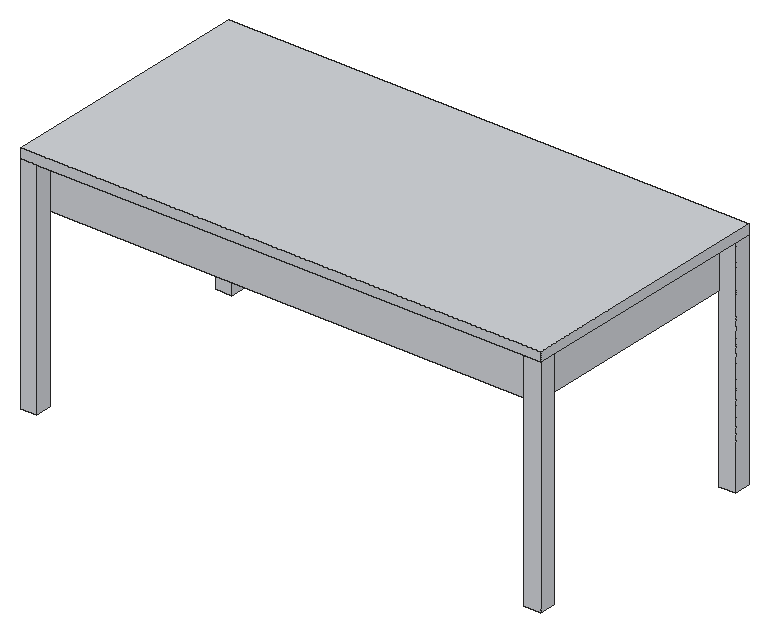
Revit family "output", category Generic Models, Revit 2025
Family settings
  Can host rebar = No
  Round Connector Dimension = Use Diameter
  Part Type = Normal
  Work Plane-Based = No
  Always vertical = Yes
  Cut with Voids When Loaded = No
  Maintain Annotation Orientation = No
  Shared = No
  Room Calculation Point = No
Parameters
  Top Material = none
  Leg Material = none
  Default Elevation = 0 mm
Reference planes
  plane 1 "Center (Front/Back)": y = 0
  plane 2: z = 0
  plane 3 "Center (Left/Right)": x = 0
Forms (mm)
  Extrusion 1, solid, material <- "Top Material"
    sketch origin (0, 0, 690) x (1, 0, 0) y (0, 1, 0)
      loop
        line (-800, -400) -> (800, -400) -> (800, 400) -> (-800, 400) -> (-800, -400)
    from 0 to 30
  Extrusion 2, solid, material <- "Leg Material"
    sketch origin (0, 0, 0) x (1, 0, 0) y (0, 1, 0)
      loop
        line (750, 350) -> (800, 350) -> (800, 400) -> (750, 400) -> (750, 350)
    from 0 to 690
  Extrusion 3, solid, material <- "Leg Material"
    sketch origin (0, 0, 0) x (1, 0, 0) y (0, 1, 0)
      loop
        line (-800, 350) -> (-750, 350) -> (-750, 400) -> (-800, 400) -> (-800, 350)
    from 0 to 690
  Extrusion 4, solid, material <- "Leg Material"
    sketch origin (0, 0, 0) x (1, 0, 0) y (0, 1, 0)
      loop
        line (-800, -400) -> (-750, -400) -> (-750, -350) -> (-800, -350) -> (-800, -400)
    from 0 to 690
  Extrusion 5, solid, material <- "Leg Material"
    sketch origin (0, 0, 0) x (1, 0, 0) y (0, 1, 0)
      loop
        line (750, -400) -> (800, -400) -> (800, -350) -> (750, -350) -> (750, -400)
    from 0 to 690
  Extrusion 6, solid, material <- "Leg Material"
    sketch origin (0, 0, 540) x (1, 0, 0) y (0, 1, 0)
      loop
        line (-750, -350) -> (750, -350) -> (750, 350) -> (-750, 350) -> (-750, -350)
    from 0 to 150
Dimensions and locks
  aligned and locked: level to plane 2
